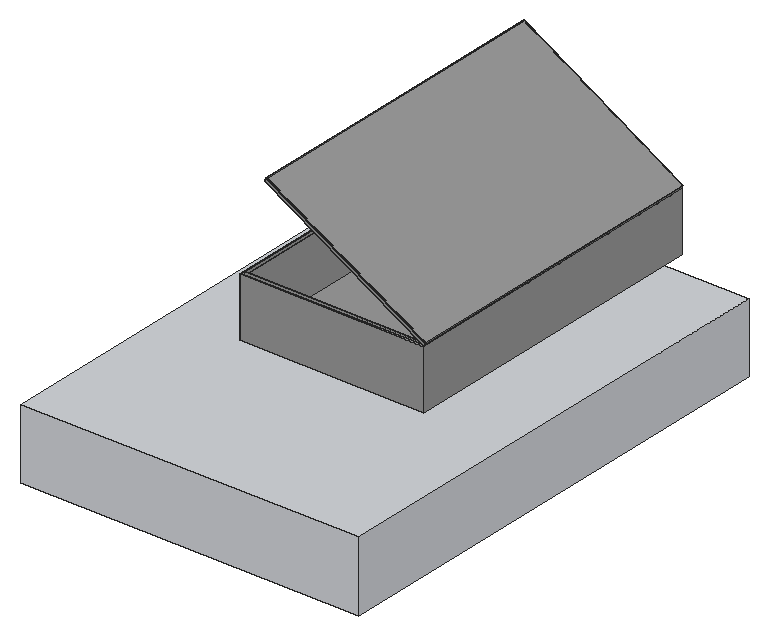
Revit family "Hager-Univers-IP55-D275-H1400-Cl.I-Steel_encl-CH-en", category Equipement électrique, Revit 2020
Family settings
  Hôte = Face
  Configuration du panneau = Deux colonnes, circuits au sein
  Cote de connecteur circulaire = Utiliser le diamètre
  Type d'élément = Tableau de raccordement
  Couper avec des vides une fois chargée = Non
  Partagée = Non
  Point de calcul de pièce = Non
Parameters (values of type "Surface mounted (plaster) IP55 W800 H1400 D275  - FR93E")
  Width Control [instance] = if([EF000008 - Width] > Min Width, [EF000008 - Width], Min Width)  # 800 mm
  Commentaires du type = [HG000003 - Range]  # "Univers"
  Thickness Door [instance] = if([EF009171 - Material plate thickness door/cover] > 3 mm, 3 mm, [EF009171 - Material plate thickness door/cover])  # 1.5 mm
  Seal Frame Offset [instance] = 17 mm  # constant formula
  Plinth Visibility [instance] = [HG000027 - Plinth height] > 0 mm  # no
  Model = ""
  Min Width [instance] = 100 mm  # constant formula
  Min Height [instance] = 100 mm  # constant formula
  Min Depth [instance] = (2 * [EF009170 - Material plate thickness cabinet]) + 1 mm  # 4 mm
  Internal Frame Depth [instance] = (Door System Depth * 0.5)  # 9 mm
  Height Control [instance] = if([EF000040 - Height] > Min Height, [EF000040 - Height], Min Height)  # 1400 mm
  HG000027 - Plinth height = 0 mm
  HG000026 - Floor standing = no
  HG000024 - Bottom section height = 800 mm
  HG000023 - Double section enclosure = no
  HG000016 - Door 3d visibility [instance] = yes
  HG000015 - Clearance visibility [instance] = no
  HG000014 - Door on the right [instance] = yes
  HG000013 - Door on the left [instance] = not([HG000014 - Door on the right])  # no
  HG000012 - Door swing angle [instance] = 30.00°
  HG000010 - Asymmetric doors = no
  HG000009 - Double swing door = no
  HG000006 - Flush mounted = no
  HG000004 - Manufacturer reference = "FR93E"
  HG000003 - Range = "Univers"
  HG000002 - With door or cover = yes
  Frame Offset Bottom [instance] = 10 mm  # constant formula
  Frame Offset [instance] = 15 mm  # constant formula
  EF015940 - Cover with overpressure release = no
  EF011959 - Degree of protection (NEMA) = ""
  EF009554 - Number of openings for flange plates = 6
  EF009212 - Cover model = "EV000116 - Closed"
  EF009171 - Material plate thickness door/cover = 1.5 mm
  EF009170 - Material plate thickness cabinet = 1.5 mm
  Fabricant = "Hager"  # constant formula
  EF008873 - Nominal current (In) = 800 A
  EF007800 - Suitable for lightning protection = no
  EF006306 - With lock = no
  EF006244 - Transparent cover/door = no
  EF005474 - Degree of protection (IP) = "EV006420 - IP55"
  EF004464 - Type of door = "EV002646 - Single"
  EF004427 - Number of modules = 324
  EF004293 - Impact strength = "EV008784 - IK10"
  EF003532 - Suitable for outdoor use = no
  EF002950 - Width in number of modular spacings = 24
  EF001613 - Circuit integrity = "EV000494 - None"
  EF001596 - Material housing = "EV000179 - Steel"
  EF001131 - Internal depth = 275 mm
  EF001088 - Extension possible = yes
  EF000437 - Number of conduit inlets = 6
  EF000339 - Type of cover = "EV004216 - Door"
  EF000266 - Number of rows = 9
  EF000218 - Built-in depth = 0 mm
  EF000118 - With mounting plate = no
  EF000116 - RAL-number = "7035"
  EF000049 - Depth = 275 mm
  EF000040 - Height = 1400 mm
  EF000008 - Width = 800 mm
  EF000007 - Colour = "EV000270 - Grey"
  EF000003 - Mounting method = "EV000384 - Surface mounted (plaster)"
  Door System Leaf Tolerance [instance] = 1.5 mm  # constant formula
  Door System Depth [instance] = 18 mm  # constant formula
  Door Height [instance] = Height Control - [HG000027 - Plinth height]  # 1400 mm
  Depth Control [instance] = if([EF000049 - Depth] > Min Depth, [EF000049 - Depth], Min Depth)  # 275 mm
  Default Elevation = 0 mm
  Connector Offset [instance] = Height Control / 2  # 700 mm
  Bottom Top Plate Trim [instance] = 1.5 mm  # constant formula
  Plinth height Ctrl [instance] = if([HG000027 - Plinth height] > 0 mm, [HG000027 - Plinth height], 12 mm)  # 12 mm
Types (5, lengths in mm): name | Width Control | HG000010 - Asymmetric doors | HG000009 - Double swing door | HG000004 - Manufacturer reference | EF009554 - Number of openings for flange plates | EF004464 - Type of door | EF004427 - Number of modules | EF000437 - Number of conduit inlets | EF000008 - Width
  Surface mounted (plaster) IP55 W1050 H1400 D275  - FR94E | 1050 | no | yes | "FR94E" | 8 | "EV003602 - Double" | 432 | 8 | 1050
  Surface mounted (plaster) IP55 W1300 H1400 D275  - FR95E | 1300 | yes | yes | "FR95E" | 10 | "EV003602 - Double" | 540 | 10 | 1300
  Surface mounted (plaster) IP55 W300 H1400 D275  - FR91E | 300 | no | no | "FR91E" | 2 | "EV002646 - Single" | 108 | 2 | 300
  Surface mounted (plaster) IP55 W550 H1400 D275  - FR92E | 550 | no | no | "FR92E" | 4 | "EV002646 - Single" | 216 | 4 | 550
  Surface mounted (plaster) IP55 W800 H1400 D275  - FR93E | 800 | no | no | "FR93E" | 6 | "EV002646 - Single" | 324 | 6 | 800
Reference planes
  plane 1 "Center (Front/Back)": y = 0
  plane 2: z = 0
  plane 3 "Center (Left/Right)": x = 0
  plane 4: z = 275
  plane 5: y = 1.5
  plane 6: y = 700
  plane 7: y = 0
  plane 8: y = 1400
  plane 9: z = 0
  plane 10: x = -385
  plane 11: x = 385
  plane 12: x = 383.5
  plane 13: x = -383.5
  plane 14: y = 1398.5
  plane 15: x = -383
  plane 16: x = -400
  plane 17: x = 383
  plane 18: x = 400
  plane 19: x = 398.5
  plane 20: x = -398.5
  plane 21: y = 11.5
  plane 22: y = 1400
  plane 23: y = 1383.5
  plane 24: z = 257
  plane 25: z = 1.5
  plane 26: z = 255.5
  plane 27: z = 273.5
Forms (mm)
  Extrusion 1, solid
    sketch origin (0, 0, 0) x (1, 0, 0) y (0, 1, 0)
      loop
        line (-702.964, 1305) -> (-702.964, -811.445) -> (766.763, -811.445) -> (766.763, 1305) -> (-702.964, 1305)
    from 0 to -304.8
  Extrusion 2, solid, material "Hager_Steel_RAL7035_Light_Grey", visible <- "Plinth Visibility", detail levels medium+fine
    sketch origin (0, 0, 0) x (1, 0, 0) y (0, 1, 0)
      loop
        line (-400, 0) -> (400, 0) -> (400, 12) -> (-400, 12) -> (-400, 0)
    from 0 to 257
  Extrusion 3, solid, material "Hager_Steel_RAL7035_Light_Grey", detail levels medium+fine
    sketch origin (0, 0, 0) x (1, 0, 0) y (0, 1, 0)
      loop
        line (-400, 0) -> (400, 0) -> (400, 1400) -> (-400, 1400) -> (-400, 0)
    from 0 to 257
  Extrusion 4, void
    sketch origin (0, 0, 0) x (1, 0, 0) y (0, 1, 0)
      loop
        line (-398.5, 1.5) -> (398.5, 1.5) -> (398.5, 1398.5) -> (-398.5, 1398.5) -> (-398.5, 1.5)
    from 1.5 to 255.5
  Extrusion 5, void
    sketch origin (-381.607, -4572, 257) x (0, -1, 0) y (-1, 0, 0)
      loop
        line (-4583.5, 1.893) -> (-5955.5, 1.893) -> (-5955.5, -765.107) -> (-4583.5, -765.107) -> (-4583.5, 1.893)
    from 0 to 1.5 <- "EF009170 - Material plate thickness cabinet"
  Extrusion 6, solid, material "Hager_Steel_RAL7035_Light_Grey", detail levels fine
    sketch origin (0, 0, 257) x (1, 0, 0) y (0, 1, 0)
      loop
        line (-383.5, 1383.5) -> (-383.5, 11.5) -> (383.5, 11.5) -> (383.5, 1383.5) -> (-383.5, 1383.5)
      loop
        line (-385, 10) -> (385, 10) -> (385, 1385) -> (-385, 1385) -> (-385, 10)
    from 0 to 9 <- "Internal Frame Depth"
  Extrusion 7, solid, material "Hager_Steel_RAL7035_Light_Grey", detail levels coarse
    sketch origin (0, 0, 0) x (1, 0, 0) y (0, 1, 0)
      loop
        line (-400, 0) -> (400, 0) -> (400, 1400) -> (-400, 1400) -> (-400, 0)
    from 0 to 275
  Sweep 8, void
    path in 3D
      loop
        line (-400, 12, 0) -> (400, 12, 0) -> (400, 12, 257) -> (-400, 12, 257) -> (-400, 12, 0)
    profile origin (-400, 12, 128.5) x (-1, 0, 0) y (0, -1, 0)
      loop
        line (0, 0) -> (0, 1.5) -> (-1.5, 1.5)
        arc (-1.5, 1.5) -> (-1.061, 0.439) -> (0, 0) r 1.5
Cuts and joins
  Extrusion 4, Extrusion 5 cuts Extrusion 3
  Sweep 8 cuts Extrusion 2
Lines and regions (mm)
  Masking region 1
    outline origin (0, 0, 0) x (1, 0, 0) y (0, 0, 1)
      loop
        line (-400, 275) -> (-400, 0) -> (400, 0) -> (400, 275) -> (-400, 275)
  Masking region 2, detail levels medium+fine
    outline origin (0, 140, 0) x (0, 1, 0) y (0, 0, 1)
      loop
        line (-140, 0) -> (1260, 0) -> (1260, 257) -> (-140, 257) -> (-140, 0)
  Masking region 3, not visible, detail levels medium+fine
    outline origin (0, 297.922, 0) x (0, 1, 0) y (0, 0, 1)
      loop
        line (413.578, 0) -> (453.578, 0) -> (453.578, 263.5)
        arc (453.578, 263.5) -> (450.649, 270.571) -> (443.578, 273.5) r 10
        line (443.578, 273.5) -> (413.578, 273.5) -> (413.578, 0)
  Masking region 4, detail levels coarse
    outline origin (0, 0, 180) x (0, 1, 0) y (0, 0, 1)
      loop
        line (0, -180) -> (1400, -180) -> (1400, 95) -> (0, 95) -> (0, -180)
  Masking region 5, visible <- "Plinth Visibility", detail levels medium+fine
    outline origin (0, 52.24, 12.345) x (0, 0, -1) y (0, 1, 0)
      loop
        line (10.845, -40.24) -> (-243.155, -40.24)
        arc (-243.155, -40.24) -> (-243.594, -41.301) -> (-244.655, -41.74) r 1.5
        line (-244.655, -41.74) -> (-244.655, -52.24) -> (12.345, -52.24) -> (12.345, -41.74)
        arc (12.345, -41.74) -> (11.285, -41.301) -> (10.845, -40.24) r 1.5
  Masking region 6, detail levels medium+fine
    outline origin (-381.607, -4572, 257) x (-1, 0, 0) y (0, -1, 0)
      loop
        line (18.393, -5972) -> (18.393, -4572) -> (-781.607, -4572) -> (-781.607, -5972) -> (18.393, -5972)
  Masking region 7, visible <- "Plinth Visibility", detail levels medium+fine
    outline origin (-381.607, -4727, 257) x (-1, 0, 0) y (0, -1, 0)
      loop
        arc (16.893, -4739) -> (17.332, -4737.939) -> (18.393, -4737.5) r 1.5
        line (18.393, -4737.5) -> (18.393, -4727) -> (-781.607, -4727) -> (-781.607, -4737.5)
        arc (-781.607, -4737.5) -> (-780.546, -4737.939) -> (-780.107, -4739) r 1.5
        line (-780.107, -4739) -> (16.893, -4739)
  Masking region 8, detail levels coarse
    outline origin (-442.548, -4669.526, 257) x (-1, 0, 0) y (0, -1, 0)
      loop
        line (-42.548, -6069.526) -> (-42.548, -4669.526) -> (-842.548, -4669.526) -> (-842.548, -6069.526) -> (-42.548, -6069.526)
  sketch lines
    curve 1: line (-400, 12, 257) -> (-400, 12, 0)
    curve 2: line (400, 12, 257) -> (-400, 12, 257)
    curve 3: line (400, 12, 257) -> (400, 12, 0)
    curve 4: line (-400, 12, 0) -> (400, 12, 0)
Dimensions and locks
  "Depth Control": plane 4 to Extrusion 1
  "HG000027 - Plinth height": plane 1 "Center (Front/Back)" to plane 7
  "EF009170 - Material plate thickness cabinet": plane 5 to plane 7
  locked: connector elem to plane 3 "Center (Left/Right)"
  equal spacing: plane 8, plane 6, plane 7
  locked: connector elem to plane 6
  "EF009170 - Material plate thickness cabinet": plane 8 to plane 14
  "EF009170 - Material plate thickness cabinet": plane 10 to plane 13
  "EF009170 - Material plate thickness cabinet": plane 12 to plane 11
  "Frame Offset": plane 20 to plane 13
  "Frame Offset": plane 12 to plane 19
  "EF009170 - Material plate thickness cabinet": plane 16 to plane 20
  "EF009170 - Material plate thickness cabinet": plane 19 to plane 18
  "Seal Frame Offset": plane 16 to plane 15
  "Seal Frame Offset": plane 17 to plane 18
  "Frame Offset Bottom": plane 21 to plane 5
  "Frame Offset": plane 14 to plane 23
  equal spacing: plane 16, plane 3 "Center (Left/Right)", plane 18
  "Width Control": plane 16 to plane 18
  "EF009170 - Material plate thickness cabinet": plane 4 to plane 27
  "EF009170 - Material plate thickness cabinet": plane 24 to plane 26
  "EF009170 - Material plate thickness cabinet": plane 25 to level
  "Door System Depth": plane 4 to plane 24
  "Height Control": plane 1 "Center (Front/Back)" to Extrusion 7 sketch curve
  "Height Control": Masking region 4 sketch curve to plane 1 "Center (Front/Back)"
  "Height Control": plane 1 "Center (Front/Back)" to plane 22
  "Bottom Top Plate Trim": profile plane to Sweep 8 sketch curve
  "Bottom Top Plate Trim": Sweep 8 sketch curve to profile plane
  "Plinth height Ctrl": plane 1 "Center (Front/Back)" to Extrusion 2 sketch curve
  "Plinth height Ctrl": Masking region 5 sketch curve to plane 1 "Center (Front/Back)"
  "Plinth height Ctrl": plane 1 "Center (Front/Back)" to Masking region 7 sketch curve
  "Thickness Door": Extrusion 6 sketch curve to Extrusion 6 sketch curve  (x3)
  "Thickness Door": cut or joined group of Extrusion 3, Extrusion 4, Extrusion 5 to Extrusion 6 sketch curve
  radius of Masking region 3 sketch curve = 10 mm
  "Bottom Top Plate Trim": radius of Masking region 5 sketch curve  (x2)
  "Bottom Top Plate Trim": radius of Sweep 8 sketch curve
  "Bottom Top Plate Trim": radius of Masking region 7 sketch curve  (x2)
  aligned and locked: plane 2 to Extrusion 1
  aligned and locked: level to Extrusion 1
  aligned and locked: level to Masking region 1 sketch curve
  aligned and locked: Masking region 1 sketch curve to plane 18
  aligned and locked: Masking region 1 sketch curve to plane 16
  aligned and locked: plane 7 to Masking region 2 sketch curve
  aligned and locked: level to Masking region 3 sketch curve
  aligned and locked: Masking region 3 sketch curve to plane 27
  aligned and locked: level to Masking region 2 sketch curve
  aligned and locked: plane 1 "Center (Front/Back)" to Extrusion 2 sketch curve
  aligned and locked: Extrusion 3 sketch curve to plane 7
  aligned and locked: plane 16 to Extrusion 3 sketch curve
  aligned and locked: plane 18 to Extrusion 3 sketch curve
  aligned and locked: plane 20 to Extrusion 4 sketch curve
  aligned and locked: plane 19 to Extrusion 4 sketch curve
  aligned and locked: Extrusion 4 sketch curve to plane 5
  aligned and locked: Extrusion 4 to plane 25
  aligned and locked: plane 26 to Extrusion 4
  aligned and locked: plane 24 to Extrusion 3
  aligned and locked: Extrusion 5 sketch curve to plane 21
  aligned and locked: Extrusion 5 sketch curve to plane 13
  aligned and locked: Extrusion 5 sketch curve to plane 12
  aligned and locked: plane 18 to Extrusion 7 sketch curve
  aligned and locked: plane 1 "Center (Front/Back)" to Extrusion 7 sketch curve
  aligned and locked: plane 16 to Extrusion 7 sketch curve
  aligned and locked: plane 4 to Extrusion 7
  aligned and locked: Extrusion 7 to level
  aligned and locked: level to Masking region 4 sketch curve
  aligned and locked: Masking region 4 sketch curve to plane 1 "Center (Front/Back)"
  aligned and locked: Masking region 4 sketch curve to plane 4
  aligned and locked: nested 1 to level
  aligned and locked: nested 1 to plane 16
  aligned and locked: plane 8 to Extrusion 3 sketch curve
  aligned and locked: plane 23 to Extrusion 5 sketch curve
  aligned and locked: plane 14 to Extrusion 4 sketch curve
  aligned and locked: Masking region 2 sketch curve to plane 8
  aligned and locked: level to Masking region 5 sketch curve
  aligned and locked: plane 16 to Extrusion 2 sketch curve
  aligned and locked: plane 18 to Extrusion 2 sketch curve
  aligned and locked: Masking region 5 sketch curve to plane 24
  aligned and locked: Masking region 2 sketch curve to plane 24
  aligned and locked: plane 24 to Extrusion 2
  aligned and locked: profile plane to Sweep 8 sketch curve  (x2)
  aligned and locked: Masking region 6 sketch curve to plane 18
  aligned and locked: Masking region 6 sketch curve to plane 22
  aligned and locked: Masking region 6 sketch curve to plane 16
  aligned and locked: plane 8 to plane 22
  aligned and locked: Masking region 6 sketch curve to plane 7
  aligned and locked: Masking region 7 sketch curve to plane 16
  aligned and locked: Masking region 7 sketch curve to plane 1 "Center (Front/Back)"
  aligned and locked: Masking region 7 sketch curve to plane 18
  aligned and locked: Masking region 8 sketch curve to plane 1 "Center (Front/Back)"
  aligned and locked: Masking region 8 sketch curve to plane 18
  aligned and locked: Masking region 8 sketch curve to plane 22
  aligned and locked: Masking region 8 sketch curve to plane 16
  aligned and locked: nested 2 to plane 7
  aligned and locked: plane 3 "Center (Left/Right)" to nested 2
  aligned and locked: nested 2 to plane 24
  aligned and locked: Extrusion 6 sketch curve to cut or joined group of Extrusion 3, Extrusion 4, Extrusion 5  (x4)
Automatic sketch dimensions
  Extrusion 1 sketch curve to Extrusion 1 sketch curve = 1469.727 mm
  Extrusion 1 sketch curve to Extrusion 1 sketch curve = 2116.445 mm
  Masking region 1 sketch curve to plane 4 = 0 mm
  plane 6 to Masking region 3 sketch curve = 11.5 mm
  Masking region 3 sketch curve to Masking region 3 sketch curve = 30 mm
  Masking region 5 sketch curve to plane 1 "Center (Front/Back)" = 0 mm
Nested families
  nested 1: "Hager_Enclosure_Symbol" at (-400, 0, 0) x (1, 0, 0) z (0, -1, 0), Height <- "Depth Control", Width <- "Width Control", type "Hager_Enclosure_Symbol"
    with Width_Ctrl 800 mm, Width 800 mm, Height_Ctrl 275 mm, Height 275 mm, A_Width_Int 18.047 mm, A_Width 216.562 mm, A_Height_Ctrl 240.625 mm, A_Height 240.625 mm
  nested 2: "EC000058_Univers_Door" at (0, 0, 257) x (1, 0, 0) z (0, 1, 0), Leaf_Tolerance <- "Door System Leaf Tolerance", Angle <- "HG000012 - Door swing angle", Door_Depth <- "Door System Depth", Door_Left <- "HG000013 - Door on the left", Transparent <- "EF006244 - Transparent cover/door", Assymetrical <- "HG000010 - Asymmetric doors", Width <- "Width Control", Clearance <- "HG000015 - Clearance visibility", Double <- "HG000009 - Double swing door", 3d_Door <- "HG000016 - Door 3d visibility", Lock_Visibility <- "EF006306 - With lock", Width_Ctrl <- "Width Control", Door_Right <- "HG000014 - Door on the right", Door <- "HG000002 - With door or cover", Height <- "Door Height", Thickness <- "Thickness Door", type "EC000058_Univers_Door", detail levels medium+fine
    with min_wh 4 mm, Width_Ctrl 800 mm, Width 800 mm, Transparent no, Thickness 1.5 mm, Seal_Material Hager_Rubber, Lock_Visibility no, Lock_Material Hager_Plastic_RAL9005_Jet_Black, Leaf_Width 800 mm, Leaf_Tolerance_External_Sides 0 mm, Leaf_Tolerance 1.5 mm, Leaf_Offset 0 mm, Leaf_Height 1397 mm, Leaf_2_Width 800 mm, Leaf_2_Offset 400 mm, Leaf_1_Width 800 mm, Leaf_1_Offset 400 mm, Height_Ctrl 1400 mm, Height 1400 mm, Glass_Material Hager_Glass, Double_Clearance_Ctrl no, Double no, Door_Right_Ctrl yes, Door_Right yes, Door_Material Hager_Steel_RAL7035_Light_Grey, Door_Left_Ctrl no, Door_Left no, Door_Depth 18 mm, Door yes, Clearance_Material Hager_Clearance, Clearance_Depth 800 mm, Clearance_Ctrl no, Clearance no, Assymetrical no, Angle 30.00°, 3d_Door yes
Connectors
  electrical at (0, 700, 0)
    settings: on plane 9, index 1, voltage 0 V, apparent load 0 VA, apparent load phase1 0 VA, apparent load phase2 0 VA, apparent load phase3 0 VA, power factor 1, load classification "Other", number of poles 1, system type 30, power factor state 1, is connector primary yes, connector utility no, sub classification motor no, connector description ""
Definition of nested family "EC000058_Univers_Door"
  Parameters (values of type "EC000058_Univers_Door")
    min_wh [instance] = (2 * Thickness) + 1 mm  # 11 mm
    Width_Ctrl [instance] = 400 mm
    Width [instance] = 500 mm
    Transparent [instance] = yes
    Thickness [instance] = 5 mm
    Seal_Material [instance] = none
    Lock_Visibility [instance] = yes
    Lock_Material [instance] = none
    Leaf_Width [instance] = if((Width_Ctrl - 2 * Leaf_Tolerance_External_Sides) > 0 mm, (Width_Ctrl - 2 * Leaf_Tolerance_External_Sides), min_wh)  # 400 mm
    Leaf_Tolerance_External_Sides [instance] = 0 mm  # constant formula
    Leaf_Tolerance [instance] = 1.5 mm
    Leaf_Offset [instance] = 0 mm  # constant formula
    Leaf_Height [instance] = if((Height_Ctrl - 2 * Leaf_Tolerance) > 0 mm, (Height_Ctrl - 2 * Leaf_Tolerance), min_wh)  # 497 mm
    Leaf_2_Width [instance] = if(and(and(Double, Assymetrical), Door_Left), (Leaf_Width / 3) - (Leaf_Tolerance / 2), if(and(and(Double, Assymetrical), Door_Right), (Leaf_Width / 3) * 2 - (Leaf_Tolerance / 2), if(and(Double, not(Assymetrical)), (Leaf_Width / 2) - Leaf_Tolerance, Leaf_Width)))  # 400 mm
    Leaf_2_Offset [instance] = if(and(Double, Assymetrical), Leaf_2_Width / 2, if(and(Double, not(Assymetrical)), Leaf_Width / 4, Leaf_Width / 2))  # 200 mm
    Leaf_1_Width [instance] = if(and(and(Double, Assymetrical), Door_Right), (Leaf_Width / 3) - (Leaf_Tolerance / 2), if(and(and(Double, Assymetrical), Door_Left), (Width / 3) * 2 - (Leaf_Tolerance / 2), if(and(Double, not(Assymetrical)), (Leaf_Width / 2) - Leaf_Tolerance, Leaf_Width)))  # 400 mm
    Leaf_1_Offset [instance] = if(and(Double, Assymetrical), Leaf_1_Width / 2, if(and(Double, not(Assymetrical)), Leaf_Width / 4, Leaf_Width / 2))  # 200 mm
    Height_Ctrl [instance] = if(Height > min_wh, Height, min_wh)  # 500 mm
    Height [instance] = 500 mm
    Glass_Material [instance] = none
    Double_Clearance_Ctrl [instance] = and(Double, Clearance)  # no
    Double [instance] = no
    Door_Right_Ctrl [instance] = and(or(Door_Right, Double), Door)  # yes
    Door_Right [instance] = yes
    Door_Material [instance] = none
    Door_Left_Ctrl [instance] = and(or(Door_Left, Double), Door)  # no
    Door_Left [instance] = no
    Door_Depth [instance] = 30 mm
    Door [instance] = yes
    Default Elevation = 1219.2 mm
    Clearance_Material [instance] = none
    Clearance_Depth [instance] = if(Leaf_1_Width > Leaf_2_Width, Leaf_1_Width, Leaf_2_Width)  # 400 mm
    Clearance_Ctrl [instance] = and(not(Double), Clearance)  # yes
    Clearance [instance] = yes
    Assymetrical [instance] = yes
    Angle [instance] = 30.00°
    3d_Door [instance] = yes
  Reference planes
    plane 1 "Center (Front/Back)": y = 0
    plane 2 "Bottom": z = 0
    plane 3 "Center (Left/Right)": x = 0
    plane 4: z = 500
    plane 5: x = -200
    plane 6: x = 200
    plane 7: z = 500
    plane 8: x = -200
    plane 9: z = 0
    plane 10: x = 200
    plane 11: y = 0
    plane 12: z = 1.5
    plane 13: x = -600
    plane 14: y = -400
    plane 15: x = 600
    plane 16: x = 0
    plane 17: x = 0
    plane 18: x = -200
    plane 19: x = 200
    plane 20: z = 498.5
  Forms (mm)
    Extrusion 1, solid, material <- "Clearance_Material", visible <- "Double_Clearance_Ctrl"
      sketch origin (1200, 0, 0) x (1, 0, 0) y (0, 0, -1)
        loop
          line (-1800, -498.5) -> (-600, -498.5) -> (-600, 0) -> (-1800, 0) -> (-1800, -498.5)
      from 0 to -400
  Dimensions and locks
    equal spacing: plane 5, plane 3 "Center (Left/Right)", plane 6
    "Width_Ctrl": plane 5 to plane 6
    "Leaf_Offset": plane 5 to plane 8
    "Leaf_Offset": plane 6 to plane 10
    "Leaf_Offset": plane 9 to level
    "Leaf_Offset": plane 4 to plane 7
    "Height_Ctrl": plane 4 to level
    "Leaf_Tolerance": plane 12 to plane 9
    locked: plane 11 to plane 1 "Center (Front/Back)"
    "Leaf_1_Offset": plane 18 to plane 16
    "Leaf_2_Offset": plane 17 to plane 19
    "Leaf_1_Width": plane 13 to plane 8
    "Leaf_2_Width": plane 10 to plane 15
    "Clearance_Depth": plane 14 to plane 1 "Center (Front/Back)"
    "Leaf_Tolerance_External_Sides": plane 8 to plane 18
    "Leaf_Tolerance_External_Sides": plane 19 to plane 10
    "Leaf_Tolerance": plane 7 to plane 20
    aligned and locked: level to plane 2 "Bottom"
    aligned and locked: nested 1 to plane 16
    aligned and locked: nested 2 to plane 17
    aligned and locked: Extrusion 1 to plane 13
    aligned and locked: plane 15 to Extrusion 1
    aligned and locked: Extrusion 1 to plane 14
    aligned and locked: plane 12 to nested 1
    aligned and locked: nested 2 to plane 12
    aligned and locked: Extrusion 1 to plane 11
    aligned and locked: plane 20 to Extrusion 1
    aligned and locked: nested 2 to plane 11
    aligned and locked: nested 1 to plane 11
  Automatic sketch dimensions
    Extrusion 1 sketch curve to level = 0 mm
    plane 5 to Extrusion 1 sketch curve = 400 mm
    plane 6 to Extrusion 1 sketch curve = 400 mm
    Extrusion 1 sketch curve to plane 4 = 1.5 mm
  Nested families
    nested 1: "EC000058_Univers_Door_Leaf" at (0, 0, 1.5), Width <- "Leaf_1_Width", visible <- "Door_Left_Ctrl", Leaf_Height <- "Leaf_Height", Angle <- "Angle", 3d_Door <- "3d_Door", Transparent <- "Transparent", Clearance Material <- "Clearance_Material", Clearance <- "Clearance_Ctrl", Door_Material <- "Door_Material", Glass_Material <- "Glass_Material", Door_Depth <- "Door_Depth", Lock_Material <- "Lock_Material", Seal_Material <- "Seal_Material", Lock_Visibility <- "Lock_Visibility", Thickness <- "Thickness", type "EC000058_Univers_Door_Leaf"
      with Width 400 mm, Transparent_Glass_Offset 30 mm, Transparent_Ctrl yes, Transparent yes, Thickness 5 mm, Standard no, Seal_Material none, Seal_D2 8 mm, Seal_D1 1 mm, Offset_Internal_Frame 10 mm, Lock_Width 20 mm, Lock_Visibility_3d yes, Lock_Visibility yes, Lock_Thickness_3 3 mm, Lock_Thickness_2 1 mm, Lock_Thickness_1 3 mm, Lock_Radius_Offset_2 16 mm, Lock_Radius_Offset_1 15 mm, Lock_Radius_2 5 mm, Lock_Radius 6 mm, Lock_Offset 5 mm, Lock_Material none, Lock_Height 80 mm, Lock_Cover_Top_Offset_2d 17 mm, Lock_Cover_Height -65 mm, Leaf_Height 497 mm, Internal_Seal_Thickness 8 mm, Internal_Seal_Depth_2 4.5 mm, Internal_Frame_Depth 25 mm, Glass_Thickness -1 mm, Glass_Offset -2 mm, Glass_Material none, Door_Material none, Door_Depth 30 mm, Clearance Material none, Clearance yes, Angle_Ctrl 30.00°, Angle 30.00°, 3d_Door yes
    nested 2: "EC000058_Univers_Door_Leaf" at (0, 0, 1.5) x (-1, 0, 0) z (0, 0, 1), Width <- "Leaf_2_Width", visible <- "Door_Right_Ctrl", Leaf_Height <- "Leaf_Height", Angle <- "Angle", 3d_Door <- "3d_Door", Transparent <- "Transparent", Clearance Material <- "Clearance_Material", Clearance <- "Clearance_Ctrl", Door_Material <- "Door_Material", Glass_Material <- "Glass_Material", Door_Depth <- "Door_Depth", Lock_Material <- "Lock_Material", Seal_Material <- "Seal_Material", Lock_Visibility <- "Lock_Visibility", Thickness <- "Thickness", type "EC000058_Univers_Door_Leaf"
      with Width 400 mm, Transparent_Glass_Offset 30 mm, Transparent_Ctrl yes, Transparent yes, Thickness 5 mm, Standard no, Seal_Material none, Seal_D2 8 mm, Seal_D1 1 mm, Offset_Internal_Frame 10 mm, Lock_Width 20 mm, Lock_Visibility_3d yes, Lock_Visibility yes, Lock_Thickness_3 3 mm, Lock_Thickness_2 1 mm, Lock_Thickness_1 3 mm, Lock_Radius_Offset_2 16 mm, Lock_Radius_Offset_1 15 mm, Lock_Radius_2 5 mm, Lock_Radius 6 mm, Lock_Offset 5 mm, Lock_Material none, Lock_Height 80 mm, Lock_Cover_Top_Offset_2d 17 mm, Lock_Cover_Height -65 mm, Leaf_Height 497 mm, Internal_Seal_Thickness 8 mm, Internal_Seal_Depth_2 4.5 mm, Internal_Frame_Depth 25 mm, Glass_Thickness -1 mm, Glass_Offset -2 mm, Glass_Material none, Door_Material none, Door_Depth 30 mm, Clearance Material none, Clearance yes, Angle_Ctrl 30.00°, Angle 30.00°, 3d_Door yes
  Definition of nested family "EC000058_Univers_Door_Leaf"
    Parameters (values of type "EC000058_Univers_Door_Leaf")
      Width [instance] = 2000 mm
      Transparent_Glass_Offset [instance] = 30 mm
      Transparent_Ctrl [instance] = and(Transparent, [3d_Door])  # yes
      Transparent [instance] = yes
      Thickness [instance] = 5 mm
      Standard [instance] = and(not(Transparent), [3d_Door])  # no
      Seal_Material [instance] = none
      Seal_D2 [instance] = 8 mm  # constant formula
      Seal_D1 [instance] = 1 mm  # constant formula
      Offset_Internal_Frame [instance] = 10 mm  # constant formula
      Lock_Width [instance] = 20 mm  # constant formula
      Lock_Visibility_3d [instance] = and(Lock_Visibility, [3d_Door])  # yes
      Lock_Visibility [instance] = yes
      Lock_Thickness_3 [instance] = 3 mm  # constant formula
      Lock_Thickness_2 [instance] = 1 mm  # constant formula
      Lock_Thickness_1 [instance] = 3 mm  # constant formula
      Lock_Radius_Offset_2 [instance] = Lock_Radius_Offset_1 + 1 mm  # 16 mm
      Lock_Radius_Offset_1 [instance] = 15 mm  # constant formula
      Lock_Radius_2 [instance] = Lock_Radius - 1 mm  # 5 mm
      Lock_Radius [instance] = 6 mm  # constant formula
      Lock_Offset [instance] = 5 mm  # constant formula
      Lock_Material [instance] = none
      Lock_Height [instance] = 80 mm  # constant formula
      Lock_Cover_Top_Offset_2d [instance] = Lock_Radius_Offset_2 + 1 mm  # 17 mm
      Lock_Cover_Height [instance] = -(Lock_Height - Lock_Radius_Offset_1)  # -65 mm
      Leaf_Height [instance] = 2720.336 mm
      Internal_Seal_Thickness [instance] = 8 mm  # constant formula
      Internal_Seal_Depth_2 [instance] = 4.5 mm  # constant formula
      Internal_Frame_Depth [instance] = if(Door_Depth - Thickness > 5 mm, Door_Depth - Thickness, 5 mm)  # 25 mm
      Glass_Thickness [instance] = if(Thickness > 15 mm, Glass_Offset + 10 mm, -1 mm)  # -1 mm
      Glass_Offset [instance] = if(Thickness > 15 mm, -(Thickness + 10 mm) / 2, -2 mm)  # -2 mm
      Glass_Material [instance] = none
      Door_Material [instance] = none
      Door_Depth [instance] = 30 mm
      Default Elevation = 0 mm
      Clearance Material [instance] = none
      Clearance [instance] = yes
      Angle_Ctrl [instance] = if(Angle > 180.00°, 180.00°, Angle)  # 90.00°
      Angle [instance] = 90.00°
      3d_Door [instance] = yes
    Reference planes
      plane 1 "Center (Front/Back)": y = 0
      plane 2: z = 0
      plane 3 "Center (Left/Right)": x = 0
      plane 4: y = 2000
      plane 5: x = -1000
      plane 6: x = 1000
      plane 7: x = -3000
      plane 8: z = 2720.336
      plane 9: z = 30
      plane 10: z = 2690.336
      plane 11: x = 970
      plane 12: x = -970
      plane 13: y = -3
      plane 14: z = 107.833
      plane 15: y = -5
      plane 16: y = -223.314
      plane 17: x = -1000
      plane 18: z = 1360.168
      plane 19: y = 30
    Forms (mm)
      Extrusion 1, solid, material <- "Clearance Material", visible <- "Clearance"
        sketch origin (0, 0, 0) x (1, 0, 0) y (0, 0, 1)
          loop
            line (-3000, 2720.336) -> (-3000, 0) -> (1000, 0) -> (1000, 2720.336) -> (-3000, 2720.336)
        from 0 to -2000
      Extrusion 2, solid, material <- "Door_Material", visible <- "Standard", detail levels medium+fine
        sketch origin (-1000, 0, 0) x (0, 1, 0) y (-1, 0, 0)
          loop
            line (0, 30) -> (0, 25) -> (2000, 25) -> (2000, 30) -> (0, 30)
        from 0 to 2720.336 <- "Leaf_Height"
      Extrusion 3, solid, material <- "Door_Material", visible <- "Transparent_Ctrl", detail levels medium+fine
        sketch origin (-1000, 0, 0) x (0, 1, 0) y (-1, 0, 0)
          loop
            line (0, 25) -> (2000, 25) -> (2000, 30) -> (0, 30) -> (0, 25)
        from 0 to 2720.336 <- "Leaf_Height"
      Extrusion 4, void
        sketch origin (-1025, 2000, 0) x (0, 1, 0) y (0, 0, -1)
          loop
            line (-30, -2690.336) -> (-30, -30) -> (-1970, -30) -> (-1970, -2690.336) -> (-30, -2690.336)
        from 0 to 5 <- "Thickness"
      Sweep 5, solid, material <- "Seal_Material", visible <- "Transparent_Ctrl", detail levels fine
        path in 3D
          loop
            line (-1025, 30, 30) -> (-1025, 30, 2690.336) -> (-1025, 1970, 2690.336) -> (-1025, 1970, 30) -> (-1025, 30, 30)
        profile origin (-1025, 1000, 30) x (1, 0, 0) y (0, 0, 1)
          loop
            line (0, 0) -> (0, -8) -> (1, -8) -> (1, 0) -> (0, 0)
      Extrusion 6, solid, material <- "Glass_Material", visible <- "Transparent_Ctrl", detail levels medium+fine
        sketch origin (-1030, 0, 0) x (0, 1, 0) y (0, 0, -1)
          loop
            line (1970, -2690.336) -> (1970, -30) -> (30, -30) -> (30, -2690.336) -> (1970, -2690.336)
        from -2 <- "Glass_Offset" to -1 <- "Glass_Thickness"
      Extrusion 7, solid, material <- "Door_Material", visible <- "3d_Door", detail levels medium+fine
        sketch origin (-1025, 2000, 0) x (0, -1, 0) y (0, 0, -1)
          loop
            line (0, -2720.336) -> (2000, -2720.336) -> (2000, 0) -> (0, 0) -> (0, -2720.336)
          loop
            line (1995, -5) -> (5, -5) -> (5, -2715.336) -> (1995, -2715.336) -> (1995, -5)
        from 0 to 25 <- "Internal_Frame_Depth"
      Sweep 8, solid, material <- "Seal_Material", visible <- "Transparent_Ctrl", detail levels fine
        path in 3D
          loop
            line (-1025, 0, 0) -> (-1025, 2000, 0) -> (-1025, 2000, 2720.336) -> (-1025, 0, 2720.336) -> (-1025, 0, 0)
        profile origin (-1025, 0, 1360.168) x (1, 0, 0) y (0, 1, 0)
          loop
            line (0, 10) -> (2.975, 10)
            arc (2.975, 10) -> (4.053, 10.447) -> (4.5, 11.525) r 1.525
            line (4.5, 11.525) -> (4.5, 16.527)
            arc (4.5, 16.527) -> (4.069, 17.569) -> (3.027, 18) r 1.473
            line (3.027, 18) -> (0, 18) -> (0, 10)
      Extrusion 9, solid, material <- "Lock_Material", visible <- "Lock_Visibility_3d", detail levels fine
        sketch origin (-1030, 0, 0) x (0, 1, 0) y (0, 0, -1)
          loop
            arc (1993.5, -1400.168) -> (1994.561, -1399.729) -> (1995, -1398.668) r 1.5
            line (1995, -1398.668) -> (1995, -1320.168) -> (1975, -1320.168) -> (1975, -1398.668)
            arc (1975, -1398.668) -> (1975.439, -1399.729) -> (1976.5, -1400.168) r 1.5
            line (1976.5, -1400.168) -> (1993.5, -1400.168)
        from 3 <- "Lock_Thickness_1" to 0
      Blend 10, solid, material <- "Lock_Material", visible <- "Lock_Visibility_3d", detail levels fine
        base sketch origin (-1033, 0, 0) x (0, 1, 0) y (0, 0, -1)
          loop
            line (1975, -1320.168) -> (1975, -1398.668)
            arc (1975, -1398.668) -> (1975.439, -1399.729) -> (1976.5, -1400.168) r 1.5
            line (1976.5, -1400.168) -> (1993.5, -1400.168)
            arc (1993.5, -1400.168) -> (1994.561, -1399.729) -> (1995, -1398.668) r 1.5
            line (1995, -1398.668) -> (1995, -1320.168) -> (1975, -1320.168)
        top sketch origin (-1033, 0, 0) x (0, 1, 0) y (0, 0, -1)
          loop
            line (1976, -1320.168) -> (1976, -1398.668)
            arc (1976, -1398.668) -> (1976.146, -1399.022) -> (1976.5, -1399.168) r 0.5
            line (1976.5, -1399.168) -> (1993.5, -1399.168)
            arc (1993.5, -1399.168) -> (1993.854, -1399.022) -> (1994, -1398.668) r 0.5
            line (1994, -1398.668) -> (1994, -1320.168) -> (1976, -1320.168)
        from 0 to 1 <- "Lock_Thickness_2"
      Blend 11, solid, material <- "Lock_Material", visible <- "Lock_Visibility_3d", detail levels fine
        base sketch origin (-1034, 0, 0) x (0, 1, 0) y (0, 0, -1)
          loop
            line (1978, -1320.168) -> (1978, -1384.168)
            arc (1978, -1384.168) -> (1985, -1391.168) -> (1992, -1384.168) r 7
            line (1992, -1384.168) -> (1992, -1320.168) -> (1978, -1320.168)
        top sketch origin (-1034, 0, 0) x (0, 1, 0) y (0, 0, -1)
          loop
            line (1991, -1320.168) -> (1979, -1320.168) -> (1979, -1383.168)
            arc (1979, -1383.168) -> (1985, -1389.168) -> (1991, -1383.168) r 6
            line (1991, -1383.168) -> (1991, -1320.168)
        from 0 to 3 <- "Lock_Thickness_3"
      Extrusion 12, solid, material <- "Lock_Material", visible <- "Lock_Visibility_3d", detail levels fine
        sketch origin (-1030, 1975, 1320.168) x (1, 0, 0) y (0, -1, 0)
          loop
            line (-7, -19) -> (-7, -1) -> (0, -1) -> (0, 0) -> (-8, 0) -> (-8, -20) -> (0, -20) -> (0, -19) -> (-7, -19)
        from 0 to -65 <- "Lock_Cover_Height"
      Extrusion 13, void
        sketch origin (-1038, 1995, 1320.168) x (-1, 0, 0) y (0, 0, -1)
          loop
            line (-5, -65) -> (0, -65) -> (-5, -60) -> (-5, -65)
        from 0 to 20 <- "Lock_Width"
      Extrusion 14, void
        sketch origin (-1038, 1975, 1320.168) x (0, -1, 0) y (0, 0, -1)
          loop
            circle (-10, -15.995) r 6
          loop
            circle (-10, -15.995) r 5
        from 0 to 2
      Extrusion 15, solid, material <- "Lock_Material", visible <- "Lock_Visibility_3d", detail levels medium
        sketch origin (-1030, 0, 0) x (0, 1, 0) y (0, 0, -1)
          loop
            arc (1993.5, -1400.168) -> (1994.561, -1399.729) -> (1995, -1398.668) r 1.5
            line (1995, -1398.668) -> (1995, -1320.168) -> (1975, -1320.168) -> (1975, -1398.668)
            arc (1975, -1398.668) -> (1975.439, -1399.729) -> (1976.5, -1400.168) r 1.5
            line (1976.5, -1400.168) -> (1993.5, -1400.168)
        from 8 to 0
    Cuts and joins
      Extrusion 4 cuts Extrusion 3
      Extrusion 13, Extrusion 14 cuts Extrusion 9
      Extrusion 14 cuts Blend 11
      Extrusion 13, Extrusion 14 cuts Extrusion 12
      joined: Extrusion 9, Blend 10, Blend 11, Extrusion 12
      Extrusion 14 cuts Extrusion 15
    Lines and regions (mm)
      Masking region 1, visible <- "Lock_Visibility", detail levels fine
        outline origin (0, 0, 0) x (0, 1, 0) y (0, 0, 1)
          loop
            line (30, 1320.168) -> (33, 1320.168) -> (33, 1400.168) -> (30, 1400.168) -> (30, 1320.168)
      Masking region 2, visible <- "Lock_Visibility", detail levels fine
        outline origin (0, 3.143, 0) x (0, 1, 0) y (0, 0, 1)
          loop
            line (29.857, 1354.168) -> (30.857, 1354.168) -> (30.857, 1366.168) -> (29.857, 1366.168) -> (29.857, 1354.168)
      Masking region 3, detail levels medium+fine
        outline origin (0, 0, 0) x (0, 1, 0) y (0, 0, 1)
          loop
            line (0, 0) -> (30, 0) -> (30, 2720.336) -> (0, 2720.336) -> (0, 0)
      Masking region 4, detail levels medium+fine
        outline origin (0, 0, 0) x (1, 0, 0) y (0, 0, 1)
          loop
            line (-1000, 2720.336) -> (-1000, 0) -> (1000, 0) -> (1000, 2720.336) -> (-1000, 2720.336)
      Masking region 5, visible <- "Lock_Visibility", detail levels fine
        outline origin (-47.116, 0, 0) x (1, 0, 0) y (0, 0, 1)
          loop
            arc (1024.616, 1399.168) -> (1023.556, 1398.729) -> (1023.116, 1397.668) r 1.5
            line (1023.116, 1397.668) -> (1023.116, 1320.168) -> (1041.116, 1320.168) -> (1041.116, 1397.668)
            arc (1041.116, 1397.668) -> (1040.677, 1398.729) -> (1039.616, 1399.168) r 1.5
            line (1039.616, 1399.168) -> (1024.616, 1399.168)
      Masking region 6, visible <- "Lock_Visibility", detail levels medium+fine
        outline origin (-25, 0, 0) x (1, 0, 0) y (0, 0, 1)
          loop
            arc (1001.5, 1400.168) -> (1000.439, 1399.729) -> (1000, 1398.668) r 1.5
            line (1000, 1398.668) -> (1000, 1320.168) -> (1020, 1320.168) -> (1020, 1398.668)
            arc (1020, 1398.668) -> (1019.561, 1399.729) -> (1018.5, 1400.168) r 1.5
            line (1018.5, 1400.168) -> (1001.5, 1400.168)
      Masking region 7, visible <- "Lock_Visibility", detail levels fine
        outline origin (-73.735, 0, 0) x (1, 0, 0) y (0, 0, 1)
          loop
            line (1051.735, 1382.168) -> (1065.735, 1382.168) -> (1065.735, 1384.168)
            arc (1065.735, 1384.168) -> (1058.735, 1391.168) -> (1051.735, 1384.168) r 7
            line (1051.735, 1384.168) -> (1051.735, 1382.168)
      Masking region 8, visible <- "Lock_Visibility", detail levels fine
        outline origin (-73.735, 0, 0) x (1, 0, 0) y (0, 0, 1)
          loop
            line (1052.735, 1382.168) -> (1064.735, 1382.168) -> (1064.735, 1383.168)
            arc (1064.735, 1383.168) -> (1058.735, 1389.168) -> (1052.735, 1383.168) r 6
            line (1052.735, 1383.168) -> (1052.735, 1382.168)
      Masking region 9, visible <- "Lock_Visibility", detail levels fine
        outline origin (-25, 0, 0) x (1, 0, 0) y (0, 0, 1)
          loop
            line (1020, 1320.168) -> (1020, 1382.168) -> (1000, 1382.168) -> (1000, 1320.168) -> (1020, 1320.168)
      Masking region 10, detail levels medium+fine
        outline origin (0, 0, 0) x (1, 0, 0) y (0, 0, 1)
          loop
            circle (985, 1335.144) r 6
      Masking region 11, detail levels fine
        outline origin (0, 0, 0) x (1, 0, 0) y (0, 0, 1)
          loop
            circle (985, 1335.144) r 5
      Masking region 12, visible <- "Lock_Visibility", detail levels fine
        outline origin (0, 12.767, 0) x (0, 1, 0) y (0, 0, 1)
          loop
            line (20.233, 1320.168) -> (21.233, 1320.168) -> (21.233, 1399.168) -> (20.233, 1400.168) -> (20.233, 1320.168)
      Masking region 13, visible <- "Lock_Visibility", detail levels fine
        outline origin (0, 13.767, -10) x (0, 1, 0) y (0, 0, 1)
          loop
            line (20.233, 1330.168) -> (23.233, 1330.168) -> (23.233, 1399.168) -> (20.233, 1402.168) -> (20.233, 1330.168)
      Masking region 14, visible <- "Lock_Visibility", detail levels fine
        outline origin (0, 12.767, -10) x (0, 1, 0) y (0, 0, 1)
          loop
            line (20.233, 1330.168) -> (25.233, 1330.168) -> (25.233, 1399.305) -> (20.233, 1394.305) -> (20.233, 1330.168)
      Masking region 15, visible <- "Lock_Visibility", detail levels medium
        outline origin (0, 0, 0) x (0, 1, 0) y (0, 0, 1)
          loop
            line (30, 1320.168) -> (38, 1320.168) -> (38, 1400.168) -> (30, 1400.168) -> (30, 1320.168)
      Masking region 16, visible <- "Lock_Visibility", detail levels fine
        outline origin (-1000, 0, 0) x (0, 1, 0) y (-1, 0, 0)
          loop
            line (1975, 30) -> (1995, 30) -> (1995, 38) -> (1975, 38) -> (1975, 30)
          loop
            line (1979, 37) -> (1976, 37) -> (1976, 34) -> (1978, 34) -> (1979, 37)
          loop
            line (1994, 37) -> (1991, 37) -> (1992, 34) -> (1994, 34) -> (1994, 37)
      Masking region 17, visible <- "Lock_Visibility", detail levels medium
        outline origin (-1000, 0, 0) x (0, 1, 0) y (-1, 0, 0)
          loop
            line (1975, 30) -> (1995, 30) -> (1995, 38) -> (1975, 38) -> (1975, 30)
      symbolic lines
        curve 1: line (1000, 0, 0) -> (-3000, 0, 0)
        curve 2: arc (1000, 0, 0) -> (-1000, 2000, 0) -> (-3000, 0, 0) r 2000
        curve 4: line (-1030, 0, 0) -> (-1030, 2000, 0)
      reference lines
        curve 3: line (-1000, 0, 0) -> (-1000, 2000, 0)
      symbolic lines, detail levels medium+fine
        curve 5: line (-1030, 2000, 0) -> (-1025, 2000, 0)
        curve 7: line (-1025, 0, 0) -> (-1030, 0, 0)
        curve 8: line (-1025, 0, 0) -> (-1000, 0, 0)
        curve 9: line (-1000, 0, 0) -> (-1000, 2000, 0)
        curve 10: line (-1000, 2000, 0) -> (-1025, 2000, 0)
      symbolic lines, detail levels fine
        curve 6: line (-1025, 2000, 0) -> (-1025, 0, 0)
      sketch lines
        curve 11: line (-1025, 0, 2720.336) -> (-1025, 0, 0)
        curve 12: line (-1025, 2000, 0) -> (-1025, 0, 0)
        curve 13: line (-1025, 2000, 2720.336) -> (-1025, 2000, 0)
        curve 14: line (-1025, 0, 2720.336) -> (-1025, 2000, 2720.336)
        curve 15: line (-1025, 1970, 30) -> (-1025, 30, 30)
        curve 16: line (-1025, 30, 30) -> (-1025, 30, 2690.336)
        curve 17: line (-1025, 1970, 2690.336) -> (-1025, 1970, 30)
        curve 18: line (-1025, 30, 2690.336) -> (-1025, 1970, 2690.336)
      symbolic lines, visible <- "Transparent", detail levels medium+fine
        curve 19: line (-970, 0, 2690.336) -> (970, 0, 2690.336)
        curve 20: line (-970, 0, 30) -> (-970, 0, 2690.336)
        curve 21: line (970, 0, 30) -> (-970, 0, 30)
        curve 22: line (970, 0, 2690.336) -> (970, 0, 30)
    Dimensions and locks
      "Width": plane 1 "Center (Front/Back)" to plane 4
      equal spacing: plane 5, plane 3 "Center (Left/Right)", plane 6
      "Width": plane 5 to plane 6
      "Width": plane 7 to plane 5
      "Leaf_Height": plane 8 to level
      "Width": curve 5 to curve 3
      "Width": curve 3 to curve 3
      plane 8 to plane 10 = 30 mm
      plane 9 to level = 30 mm
      plane 12 to plane 5 = 30 mm
      plane 6 to plane 11 = 30 mm
      Extrusion 1 to Extrusion 4 sketch curve = 30 mm
      "Transparent_Glass_Offset": curve 3 to Extrusion 4 sketch curve
      "Transparent_Glass_Offset": Extrusion 4 sketch curve to cut or joined group of Extrusion 3, Extrusion 4  (x2)
      cut or joined group of Extrusion 3, Extrusion 4 to Extrusion 6 sketch curve = 30 mm
      "Transparent_Glass_Offset": cut or joined group of Extrusion 3, Extrusion 4 to Extrusion 4 sketch curve
      "Thickness": curve 6 to curve 4
      "Thickness": Extrusion 7 sketch curve to Extrusion 7 sketch curve  (x4)
      "Door_Depth": curve 4 to curve 3
      "Offset_Internal_Frame": profile plane to Sweep 8 sketch curve
      "Internal_Seal_Thickness": Sweep 8 sketch curve to Sweep 8 sketch curve
      "Internal_Seal_Depth_2": profile plane to Sweep 8 sketch curve
      "Seal_D1": profile plane to Sweep 5 sketch curve
      "Seal_D2": profile plane to Sweep 5 sketch curve
      "Thickness": Extrusion 2 sketch curve to Extrusion 2 sketch curve
      equal spacing: Extrusion 9 sketch curve, plane 18, Extrusion 9 sketch curve  (x2)
      equal spacing: Masking region 1 sketch curve, plane 18, Masking region 1 sketch curve
      "Lock_Height": Masking region 1 sketch curve to Masking region 1 sketch curve
      "Lock_Radius": Masking region 2 sketch curve to plane 18 to Masking region 2 sketch curve
      Masking region 2 sketch curve to Masking region 1 = 1 mm
      "Door_Depth": plane 19 to plane 1 "Center (Front/Back)"
      "Lock_Thickness_1": Masking region 1 sketch curve to plane 19
      "Lock_Width": Extrusion 9 sketch curve to Extrusion 9 sketch curve
      "Lock_Height": Extrusion 9 sketch curve to Extrusion 9 sketch curve
      "Lock_Offset": cut or joined group of Extrusion 3, Extrusion 4 to Extrusion 9 sketch curve
      equal spacing: plane 8, plane 18, level
      "Lock_Radius_Offset_1": Blend 11 sketch curve to Blend 10
      locked: Blend 10 to Blend 11 sketch curve at 2  (x2)
      locked: var sketch to Blend 11 sketch curve at 1  (x2)
      "Lock_Radius_Offset_2": Blend 11 sketch curve to Blend 10
      locked: Extrusion 12 sketch curve to Extrusion 12 sketch curve at 1  (x3)
      Masking region 6 sketch curve to Masking region 6 sketch curve = 80 mm
      "Lock_Height": Masking region 6 sketch curve to Masking region 6 sketch curve
      "Lock_Width": Masking region 6 sketch curve to Masking region 6 sketch curve
      locked: Masking region 6 to Masking region 5 sketch curve at 1  (x3)
      locked: Masking region 5 to Masking region 7 sketch curve at 2  (x2)
      "Lock_Radius_Offset_1": Masking region 5 to Masking region 7 sketch curve
      "Lock_Radius_Offset_2": Masking region 5 to Masking region 8 sketch curve
      locked: Masking region 7 to Masking region 8 sketch curve at 1  (x2)
      "Lock_Cover_Top_Offset_2d": Masking region 5 to Masking region 9 sketch curve
      equal spacing: Masking region 9, Masking region 10 sketch curve, Masking region 9
      equal spacing: Masking region 9, Masking region 11 sketch curve, Masking region 9
      Extrusion 15 sketch curve to Extrusion 15 sketch curve = 80 mm
      "Lock_Width": Extrusion 15 sketch curve to Extrusion 15 sketch curve
      "Lock_Height": Extrusion 15 sketch curve to Extrusion 15 sketch curve
      equal spacing: Extrusion 15 sketch curve, plane 18, Extrusion 15 sketch curve
      "Lock_Thickness_3": Masking region 13 sketch curve to Masking region 13 sketch curve
      "Lock_Height": Masking region 12 sketch curve to Masking region 12 sketch curve
      locked: Masking region 13 sketch curve to Masking region 1 at 8
      locked: Masking region 14 sketch curve to Masking region 13 at 1
      locked: Masking region 14 sketch curve to Masking region 1 at 10.863
      "Lock_Height": Masking region 15 sketch curve to Masking region 15 sketch curve
      "Lock_Offset": Extrusion 15 sketch curve to cut or joined group of Extrusion 3, Extrusion 4
      "Lock_Offset": plane 6 to Masking region 6 sketch curve
      radius of Sweep 8 sketch curve = 1.525 mm
      radius of Sweep 8 sketch curve = 1.473 mm
      radius of Extrusion 9 sketch curve = 1.5 mm  (x2)
      "Lock_Radius": radius of Extrusion 14 sketch curve
      "Lock_Radius_2": radius of Extrusion 14 sketch curve
      "Lock_Radius": radius of Masking region 10 sketch curve
      "Lock_Radius_2": radius of Masking region 11 sketch curve
      radius of Extrusion 15 sketch curve = 1.5 mm  (x2)
      "Angle_Ctrl": angle plane 1 "Center (Front/Back)" to curve 3
      locked: Masking region 12 sketch curve to Masking region 12 sketch curve (angle 45.00°)
      locked: Masking region 13 sketch curve to Masking region 13 sketch curve (angle 45.00°)
      locked: Masking region 14 sketch curve to Masking region 14 sketch curve (angle 45.00°)
      aligned and locked: level to plane 2
      aligned and locked: Extrusion 1 to curve 1
      aligned and locked: plane 6 to Extrusion 1
      aligned and locked: Extrusion 1 to plane 1 "Center (Front/Back)"
      aligned and locked: plane 4 to Extrusion 1
      aligned and locked: plane 8 to Extrusion 1
      aligned and locked: curve 7 to Extrusion 2 sketch curve
      aligned and locked: curve 5 to Extrusion 2 sketch curve
      aligned and locked: curve 7 to Extrusion 3 sketch curve
      aligned and locked: Extrusion 3 sketch curve to curve 4
      aligned and locked: Extrusion 3 sketch curve to curve 6
      aligned and locked: Extrusion 3 sketch curve to curve 5
      aligned and locked: curve 9 to curve 3
      aligned and locked: Extrusion 7 sketch curve to cut or joined group of Extrusion 3, Extrusion 4  (x4)
      aligned and locked: plane 17 to curve 3
      aligned and locked: plane 1 "Center (Front/Back)" to curve 3
      aligned and locked: plane 17 to plane 5
      aligned and locked: Sweep 8 sketch curve to profile plane
      aligned and locked: Sweep 5 sketch curve to profile plane  (x2)
      aligned and locked: Masking region 1 to Masking region 2 sketch curve
      aligned and locked: plane 19 to Masking region 1 sketch curve
      aligned and locked: plane 1 "Center (Front/Back)" to Masking region 3 sketch curve
      aligned and locked: plane 19 to Masking region 3 sketch curve
      aligned and locked: level to Masking region 3 sketch curve
      aligned and locked: Masking region 3 sketch curve to plane 8
      aligned and locked: plane 17 to Masking region 4 sketch curve
      aligned and locked: level to Masking region 4 sketch curve
      aligned and locked: Masking region 4 sketch curve to plane 8
      aligned and locked: plane 12 to curve 20
      aligned and locked: plane 10 to curve 19
      aligned and locked: plane 11 to curve 22
      aligned and locked: curve 21 to plane 9
      aligned and locked: Extrusion 2 sketch curve to cut or joined group of Extrusion 3, Extrusion 4
      aligned and locked: Blend 10 sketch curve to Extrusion 9  (x4)
      aligned and locked: Extrusion 9 to Blend 10 sketch curve
      aligned and locked: Blend 10 to Blend 11 sketch curve
      aligned and locked: Extrusion 12 sketch curve to Blend 11
      aligned and locked: Extrusion 12 sketch curve to Extrusion 9  (x4)
      aligned and locked: Masking region 5 sketch curve to Masking region 6
      aligned and locked: Masking region 9 sketch curve to Masking region 6  (x3)
      aligned and locked: Masking region 12 sketch curve to Masking region 1
      aligned and locked: Masking region 13 sketch curve to Masking region 1
      aligned and locked: Masking region 12 to Masking region 14
      aligned and locked: Masking region 14 sketch curve to Masking region 1
      aligned and locked: Masking region 15 sketch curve to Masking region 14
      aligned and locked: Masking region 13 sketch curve to Masking region 12
      aligned and locked: Masking region 16 sketch curve to cut or joined group of Extrusion 14, Extrusion 15  (x4)
      aligned and locked: Masking region 16 sketch curve to cut or joined group of Extrusion 9, Blend 10, Blend 11, Extrusion 12, Extrusion 13, Extrusion 14  (x6)
      aligned and locked: cut or joined group of Extrusion 9, Blend 10, Blend 11, Extrusion 12, Extrusion 13, Extrusion 14 to Masking region 16 sketch curve
      aligned and locked: Masking region 17 sketch curve to cut or joined group of Extrusion 14, Extrusion 15  (x3)
      aligned and locked: Masking region 17 sketch curve to cut or joined group of Extrusion 9, Blend 10, Blend 11, Extrusion 12, Extrusion 13, Extrusion 14
      aligned and locked: Masking region 9 to Masking region 8 sketch curve
      aligned and locked: Masking region 9 to Masking region 7 sketch curve
    Automatic sketch dimensions
      plane 1 "Center (Front/Back)" to curve 2 = 0 mm
      curve 2 to plane 5 = 0 mm
      Extrusion 1 sketch curve to level = 0 mm
      Extrusion 1 sketch curve to plane 7 = 0 mm
      Extrusion 1 sketch curve to plane 6 = 0 mm
      Extrusion 1 sketch curve to plane 8 = 0 mm
      Extrusion 3 to Extrusion 6 sketch curve = 30 mm  (x4)
      Masking region 4 sketch curve to plane 6 = 0 mm
      Blend 10 sketch curve to Extrusion 9 = 1.5 mm
      Blend 10 sketch curve to Extrusion 9 = 1 mm
      Extrusion 13 sketch curve to Extrusion 12 = 0 mm  (x2)
      Extrusion 12 to Extrusion 13 sketch curve = 3 mm
      Extrusion 13 sketch curve to Extrusion 12 = 5 mm
      Extrusion 14 sketch curve to Extrusion 14 sketch curve = 0 mm  (x2)
      Extrusion 14 sketch curve to Extrusion 12 = 10 mm
      Extrusion 14 sketch curve to Extrusion 12 = 15.995 mm
      Masking region 5 sketch curve to Masking region 5 sketch curve = 1.5 mm  (x2)
      Masking region 10 sketch curve to plane 18 = 25.024 mm
      Masking region 11 sketch curve to plane 18 = 25.024 mm
      plane 19 to Masking region 14 sketch curve = 3 mm
      Masking region 16 sketch curve to Masking region 16 sketch curve = 3 mm
      curve 4 to curve 3 = 0 mm
      Blend 10 to Blend 11 sketch curve = 0 mm
      Masking region 6 sketch curve to Masking region 6 sketch curve = 1.5 mm  (x2)
      Masking region 6 sketch curve to plane 18 = 40 mm
      plane 19 to Masking region 12 sketch curve = 3 mm
      Masking region 12 sketch curve to Masking region 12 sketch curve = 1 mm
      Masking region 15 sketch curve to plane 19 = 0 mm
      Masking region 15 sketch curve to plane 18 = 40 mm
      radius of Blend 10 sketch curve to Extrusion 9 = 1 mm
Definition of nested family "Hager_Enclosure_Symbol"
  Parameters (values of type "Hager_Enclosure_Symbol")
    Width_Ctrl [instance] = if(Width > 1 mm, Width, 1 mm)  # 102.27 mm
    Width [instance] = 102.27 mm
    Height_Ctrl [instance] = if(Height > 1 mm, Height, 1 mm)  # 66.5 mm
    A_Width_Int [instance] = if(A_Width / 12 > 2 mm, A_Width / 12, 2 mm)  # 4.364 mm
    A_Width [instance] = if(A_Height_Ctrl * 0.9 > 2 mm, A_Height_Ctrl * 0.9, 2 mm)  # 52.369 mm
    A_Height_Ctrl [instance] = if(A_Height > 2 mm, A_Height, 2 mm)  # 58.188 mm
    Height [instance] = 66.5 mm
    A_Height [instance] = Height - (Height / 8)  # 58.188 mm
  Reference planes
    plane 1 "Centre (avant/arrière)": y = 0
    plane 2: z = 0
    plane 3 "Centre (gauche/droite)": x = 0
    plane 4: x = 52.369
    plane 5: y = 33.042
    plane 6: y = 41.77
    plane 7: y = 66.5
    plane 8: x = 26.184
    plane 9: y = 37.406
    plane 10: x = 102.27
    plane 11: y = 66.5
    plane 12: y = 8.313
  Lines and regions (mm)
    Filled region 1, type "Solid_Black", in view "Niveau de réf."
      outline origin (0, 0, 0) x (1, 0, 0) y (0, 1, 0)
        loop
          line (52.369, 66.5) -> (33.188, 54.536) -> (45.365, 45.006) -> (52.369, 66.5)
    Filled region 2, type "Solid_Black", in view "Niveau de réf."
      outline origin (0, 0, 0) x (1, 0, 0) y (0, 1, 0)
        loop
          line (0, 0) -> (102.27, 0) -> (102.27, 66.5) -> (0, 0)
    detail lines, in view "Niveau de réf."
      curve 1: line (0, 8.313, 0) -> (26.184, 41.77, 0)
      curve 2: line (26.184, 41.77, 0) -> (26.184, 33.042, 0)
      curve 3: line (26.184, 33.042, 0) -> (52.369, 66.5, 0)
  Dimensions and locks
    "A_Width": plane 3 "Centre (gauche/droite)" to plane 4
    equal spacing: plane 3 "Centre (gauche/droite)", plane 8, plane 4
    equal spacing: plane 6, plane 9, plane 5
    equal spacing: curve 3, Filled region 1 sketch curve, Filled region 1 sketch curve
    "Height_Ctrl": plane 1 "Centre (avant/arrière)" to plane 11
    "A_Height_Ctrl": plane 11 to plane 12
    equal spacing: plane 11, plane 9, plane 12
    "A_Width_Int": plane 6 to plane 9
    "Width_Ctrl": plane 3 "Centre (gauche/droite)" to plane 10
    angle Filled region 1 sketch curve to curve 3 = 20.00°
    angle curve 3 to Filled region 1 sketch curve = 20.00°
    locked: curve 3 to Filled region 1 sketch curve (angle 90.00°)
    aligned and locked: plane 10 to Filled region 2
    aligned and locked: plane 11 to Filled region 2 sketch curve
    aligned and locked: plane 10 to Filled region 2 sketch curve
    aligned and locked: plane 3 "Centre (gauche/droite)" to curve 1
    aligned and locked: plane 12 to curve 1
    aligned and locked: plane 7 to plane 11
  Automatic sketch dimensions
    Filled region 1 sketch curve to plane 4 = 0 mm
    Filled region 1 sketch curve to plane 7 = 0 mm
    plane 1 "Centre (avant/arrière)" to Filled region 2 sketch curve = 0 mm
    Filled region 2 sketch curve to plane 3 "Centre (gauche/droite)" = 0 mm
    curve 2 to plane 6 = 0 mm
    curve 2 to plane 8 = 0 mm
    curve 3 to plane 4 = 0 mm
    curve 2 to plane 5 = 0 mm
    curve 3 to plane 7 = 0 mm
